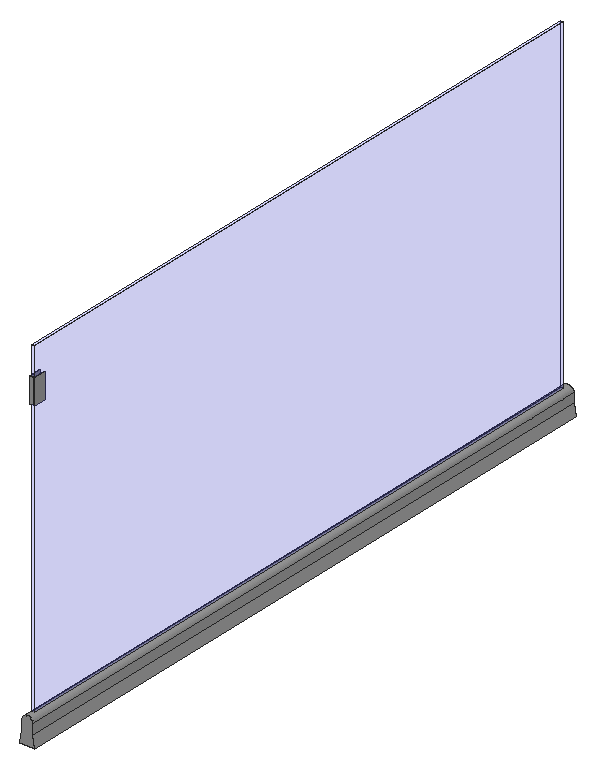
Revit family "Mampara Glas plato de ducha 190x100", category Generic Models, host Face, Revit 2014
Parameters
  ancho = 42 mm
  alto = 1900 mm
  Default Elevation = 1219.2 mm
Reference planes
  plane 1 "Center (Front/Back)": y = 0
  plane 2: z = 0
  plane 3 "Center (Left/Right)": x = 0
  plane 4: x = -21
  plane 5: x = 21
  plane 6: y = -950
  plane 7: y = 950
  plane 8: z = 75
  plane 9: z = 33
  plane 10: x = -15
  plane 11: x = 15
  plane 12: z = 60
  plane 13: x = 5
  plane 14: x = -5
  plane 15: z = 921.05
  plane 16: z = 991.05
  plane 17: z = 851.05
Forms (mm)
  Extrusion 1, solid, material "Steel, Chrome Plated"
    sketch origin (0, 0, 0) x (1, 0, 0) y (0, 0, 1)
      loop
        line (-15, 60) -> (-15, 33) -> (-21, 0) -> (21, 0) -> (15, 33) -> (15, 60)
        arc (15, 60) -> (0, 75) -> (-15, 60) r 15
    from -950 to 950
  Extrusion 2, solid, material "Glass"
    sketch origin (0, 930, 0) x (1, 0, 0) y (0, 0, 1)
      loop
        arc (-5, 74.142) -> (0, 75) -> (5, 74.142) r 15
        line (5, 74.142) -> (5, 999.142) -> (-5, 999.142) -> (-5, 74.142)
    from 0 to 1860
  Extrusion 3, solid, material "Steel, Chrome Plated"
    sketch origin (0, 0, 0) x (1, 0, 0) y (0, 1, 0)
      loop
        line (-5, -930) -> (-5, -900) -> (-8, -900) -> (-8, -933) -> (5, -933) -> (8, -933) -> (8, -900) -> (5, -900) -> (5, -930) -> (-5, -930)
    from 851.05 to 921.05
Dimensions and locks
  equal spacing: plane 4, plane 3 "Center (Left/Right)", plane 5
  equal spacing: plane 7, plane 1 "Center (Front/Back)", plane 6
  "ancho": plane 4 to plane 5
  "alto": plane 7 to plane 6
  aligned and locked: plane 2 to host face
  aligned and locked: level to host face
  aligned and locked: plane 7 to Extrusion 1
  aligned and locked: Extrusion 1 to plane 6
Automatic sketch dimensions
  host sketch curve to host sketch curve = 2438.4 mm  (x2)
  Extrusion 1 sketch curve to level = 0 mm
  Extrusion 1 sketch curve to plane 4 = 0 mm
  Extrusion 1 sketch curve to plane 9 = 0 mm  (x2)
  Extrusion 1 sketch curve to plane 10 = 0 mm
  Extrusion 1 sketch curve to plane 3 "Center (Left/Right)" = 0 mm
  Extrusion 1 sketch curve to plane 5 = 0 mm
  Extrusion 1 sketch curve to plane 12 = 0 mm
  Extrusion 2 sketch curve to plane 14 = 0 mm
  Extrusion 2 sketch curve to plane 3 "Center (Left/Right)" = 0 mm
  plane 13 to Extrusion 2 sketch curve = 0 mm
  Extrusion 2 sketch curve to plane 12 = 0 mm
  Extrusion 2 sketch curve to plane 8 = 0.858 mm
  plane 8 to Extrusion 2 sketch curve = 924.142 mm
  Extrusion 3 sketch curve to plane 14 = 0 mm
  Extrusion 3 sketch curve to plane 13 = 0 mm  (x2)
  Extrusion 3 sketch curve to plane 14 = 3 mm
  Extrusion 3 sketch curve to Extrusion 3 sketch curve = 3 mm  (x2)
  plane 6 to Extrusion 3 sketch curve = 17 mm
  Extrusion 3 sketch curve to Extrusion 3 sketch curve = 33 mm
  Extrusion 3 sketch curve to Extrusion 3 sketch curve = 0 mm
